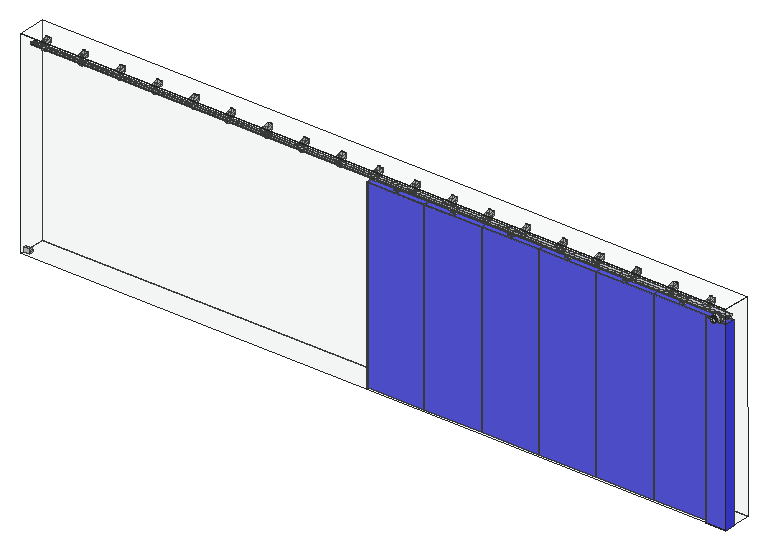
Revit family "Somati-System_SGS_Horizontal-fire-sliding-door_9040_lintel_EI60_W-to-H-higher-than-1,3", category Doors, host Wall, Revit 2018
Family settings
  Host = Wall
  OmniClass Number = 23.30.10.00
  OmniClass Title = Doors
  Always vertical = Yes
  Cut with Voids When Loaded = No
  Shared = No
  Room Calculation Point = No
Parameters (values of type "EI 60")
  Youtube clip = "https://www.youtube.com/watch?v=pRjbxBvixFY&feature=emb_logo"
  Wing top offset [instance] = 88 mm  # constant formula
  Wing thickness = 71.2 mm
  Wing middle offset = 80 mm
  Wing access (D) [instance] = [Width (W)] + 150 mm  # 5750 mm
  Width (W) [instance] = 5600 mm
  Weight Net (Kg) = "0"
  Uniformat II Description = ""
  Uniformat II Code = ""
  Uniclass 2015 Name = ""
  Uniclass 2015 Code = ""
  Uniclass 2.0 Description = ""
  Uniclass 2.0 Code = ""
  Uniclass 1.4 Description = ""
  Uniclass 1.4 Code = ""
  UNSPSC Code = ""
  Total height (Z) [instance] = Height Control + 315 mm  # 3315 mm
  Thickness = 0 mm
  Technical description = "https://somati-system.pl/en/download/sgs-download-en/"
  Region South America = "None"
  Region Oceania = "None"
  Region North America = "None"
  Region Middle East = "None"
  Region Europe = "AD, AL, AT, AX, BA, BE, BG, BY, CH, CY, CZ, DE, DK, EE, ES, FI, FO, FR, GB, GG, GI, GR, HR, HU, IE, IM, IS, IT, JE, LI, LT, LU, LV, MC, MD, ME, MK, MT, NL, NO, PL, PT, RO, RS, RU, SE, SI, SJ, SK, SM, UA, VA"
  Region Asia = "None"
  Region Antarctica = "None"
  Region Africa = "None"
  Rail and assembly materials [instance] = none
  QR code = "http://bimobject.com/somati-system/product/SGS_HORIZONTAL_FIRE_SLIDING_DOOR"
  Product url = "https://somati-system.pl/en/products/sgs-horizontal-fire-sliding-doors/"
  Product group = "SGS"
  Product family = "SGS"
  Product data url = "https://bimobject.com/somati-system/product/SGS_HORIZONTAL_FIRE_SLIDING_DOOR"
  Product certification = ""
  Product SKU = "SGS_HORIZONTAL_FIRE_SLIDING_DOOR"
  Product Guid = "8235eb12-0acf-4b60-9ca9-7613396e8d01"
  Power supply of control panel = "230V/50Hz/6A"  # constant formula
  Panel width [instance] = ([Width (W)] + 168 mm) / Number of panels in wing  # 961.333 mm
  Panel material = Somati - Stainless Steel - Custom
  Panel height [instance] = Height Control + Wing top offset  # 3088 mm
  OmniClass Description = ""
  OmniClass Code = ""
  Offset Right [instance] = [Counterweight housing (A2)]  # 360 mm
  Offset Left [instance] = 0 mm
  Number of panels in wing [instance] = roundup([Width (W)] / 1000 mm)  # 6
  Number of hangers [instance] = ([Guide rail length (K)] - 420 mm) / 600 mm  # 19
  Nominal width = 0 mm
  Nominal height = 0 mm
  NBS Reference Description = ""
  NBS Reference Code = ""
  Model = "SGS"  # constant formula
  Max number of opening cycles = 50000  # constant formula
  Material secondary = "Composite"
  Material main = "Steel"
  Masterformat 2014 Description = ""
  Masterformat 2014 Code = ""
  Manufacturer name = "Somati System"
  Manufacturer country = "Poland"
  Manufacturer = "Somati System"  # constant formula
  Installation instructions = ""
  IFC Classification = ""
  Height Control [instance] = if([Height (H)] > 3500 mm, 3500 mm, [Height (H)])  # 3000 mm
  Height (H) [instance] = 3000 mm
  Guide rail lower edge (B1) [instance] = Height Control + 160 mm  # 3160 mm
  Guide rail length (K) [instance] = [Wing access (D)] + [Width (W)] + [Counterweight housing (A2)]  # 11710 mm
  Gate Control type = "Electromagnetic brake"  # constant formula
  GTIN code = ""
  Function = Interior
  Height = 3000 mm
  Wall Closure = By host
  Width = 3000 mm
  Fire resistance = "EI 60, EI 120 n"  # constant formula
  Edition number = 1
  Design country = "Poland"
  Date of publishing = ""
  Counterweight housing (A2) [instance] = if([Width (W)] / Height Control > 1.3, 360 mm, 210 mm)  # 360 mm
  Console mounting axis (B2) [instance] = if(Height Control > 3500 mm, Height Control + 239 mm, Height Control + 179 mm)  # 3179 mm
  Clearance Area Visibility [instance] = yes
  COBIe Type Category = ""
  Buffer (A1) [instance] = [Wing access (D)] + 130 mm  # 5880 mm
  Brand url = ""
  BIMobject main category code = "doors"
  BIMobject main category = "Doors"
  BIMobject category code = "doors-fire"
  BIMobject category = "Fire Doors & Shutters"
  Available surface fnish = "Galvanized Stainless Steel PVC, MDF, HDF, laminate or veneer, STANDARD RAL 7035, 9002, 9006, 9010, and powder coating of whole RAL pallet"  # constant formula
Reference planes
  plane 1: y = 0
  plane 2 "Center (Left/Right)": x = 0
  plane 3 "Left": x = -2800
  plane 4 "Right": x = 2800
  plane 5 "Cutout height": z = 3000
  plane 6 "Exterior": y = 150
  plane 7 "Interior": y = -150
  plane 8 "Consoles mounting axis": z = 3179
  plane 9 "Total height top": z = 3315
  plane 10 "Guide rail bottom": z = 3160
  plane 11 "Wing access": x = -8550
  plane 12 "Buffer placement": x = -8680
  plane 13 "Counterweight housing": x = 3160
  plane 14 "Handle": z = 1050
  plane 15 "Wing end left": x = -2908
  plane 16 "Wing end top": z = 3088
  plane 17 "Wing end right": x = 2860
  plane 18: y = -324
  plane 19 "Wing axis": y = -230
  plane 20: y = -75
  plane 21: y = -184.9
  plane 22: y = -275.1
  plane 23: x = -2910
  plane 24 "end of hangers": x = -8340
  plane 25: x = -1040
  plane 26: x = -2845
  plane 27: y = -300.1
  plane 28: y = -159.9
  plane 29: x = -8689
  plane 30: x = -8789.5
  plane 31: x = 3160
  plane 32: x = -8680
  plane 33: z = 3740
  plane 34: z = 3154
  plane 35: x = 3010
Forms (mm)
  Sweep 1, solid
    path origin (0, -150, 0) x (1, 0, 0) y (0, 0, 1)
      loop
        line (-2800, 0) -> (-2800, 2982) -> (2800, 2982)
    profile origin (-2800, -150, 1491) x (-1, 0, 0) y (0, -1, 0)
      loop
        line (18, 33) -> (18, 4)
        arc (18, 4) -> (19.172, 1.172) -> (22, 0) r 4
        line (22, 0) -> (64, 0)
        arc (64, 0) -> (66.828, 1.172) -> (68, 4) r 4
        line (68, 4) -> (68, 29)
        arc (68, 29) -> (68.586, 30.414) -> (70, 31) r 2
        line (70, 31) -> (91, 31) -> (91, 33) -> (18, 33)
  Sweep 2, solid, material "Somati - Stainless Steel - Custom" <- "Panel material"
    path origin (0, -150, 0) x (1, 0, 0) y (0, 0, 1)
      loop
        line (-2908, 3088) -> (-2908, 0)
    profile origin (-2908, -150, 1544) x (0, -1, 0) y (1, 0, 0)
      loop
        arc (18.1, 2) -> (19.272, -0.828) -> (22.1, -2) r 4
        line (22.1, -2) -> (114.1, -2)
        arc (114.1, -2) -> (116.928, -0.828) -> (118.1, 2) r 4
        line (118.1, 2) -> (118.1, 13) -> (116.1, 13) -> (116.1, 2)
        arc (116.1, 2) -> (115.514, 0.586) -> (114.1, 0) r 2
        line (114.1, 0) -> (22.1, 0)
        arc (22.1, 0) -> (20.686, 0.586) -> (20.1, 2) r 2
        line (20.1, 2) -> (20.1, 23) -> (18.1, 23) -> (18.1, 2)
  Sweep 3, solid, material "Somati - Stainless Steel - Custom" <- "Panel material"
    path origin (0, -150, 0) x (1, 0, 0) y (0, 0, 1)
      loop
        line (-2910, 3088) -> (2860, 3088)
    profile origin (-25, -150, 3088) x (0, 0, 1) y (0, -1, 0)
      loop
        line (-23, 19.5) -> (-23, 17.5) -> (-2, 17.5)
        arc (-2, 17.5) -> (0.828, 18.672) -> (2, 21.5) r 4
        line (2, 21.5) -> (2, 117.5) -> (0, 117.5) -> (0, 21.5)
        arc (0, 21.5) -> (-0.586, 20.086) -> (-2, 19.5) r 2
        line (-2, 19.5) -> (-23, 19.5)
  Sweep 4, solid, material "Somati - Stainless Steel - Custom" <- "Panel material"
    path origin (0, -150, 0) x (1, 0, 0) y (0, 0, 1)
      loop
        line (3160, 3088) -> (3160, 0)
    profile origin (3160, -150, 1544) x (0, -1, 0) y (1, 0, 0)
      loop
        line (165.5, -348) -> (165.5, 0) -> (0, 0) -> (0, -351) -> (33, -351) -> (33, -302) -> (128.5, -302) -> (128.5, -348) -> (165.5, -348)
      loop
        line (2, -300) -> (131.5, -300) -> (131.5, -345) -> (161.5, -345) -> (161.5, -3) -> (2, -3) -> (2, -300)
  Sweep 5, solid, material <- "Rail and assembly materials"
    path origin (0, -230, 0) x (0, 0, -1) y (-1, 0, 0)
      loop
        line (-3155.5, 8550) -> (-3155.5, -3160)
    profile origin (-2695, -230, 3155.5) x (0, 0, -1) y (0, 1, 0)
      loop
        line (-4.5, -10) -> (-7.5, -10) -> (-7.5, -17.27)
        arc (-7.5, -17.27) -> (-7.68, -17.833) -> (-8.154, -18.187) r 0.97
        line (-8.154, -18.187) -> (-21.563, -22.805)
        arc (-21.563, -22.805) -> (-22.137, -22.951) -> (-22.728, -23) r 3.578
        line (-22.728, -23) -> (-45.523, -23)
        arc (-45.523, -23) -> (-46.214, -22.714) -> (-46.5, -22.023) r 0.977
        line (-46.5, -22.023) -> (-46.5, 21.985)
        arc (-46.5, 21.985) -> (-46.203, 22.703) -> (-45.485, 23) r 1.015
        line (-45.485, 23) -> (-22.73, 23)
        arc (-22.73, 23) -> (-22.137, 22.951) -> (-21.56, 22.804) r 3.593
        line (-21.56, 22.804) -> (-8.141, 18.183)
        arc (-8.141, 18.183) -> (-7.677, 17.836) -> (-7.5, 17.283) r 0.951
        line (-7.5, 17.283) -> (-7.5, 10) -> (-4.5, 10) -> (-4.5, 19.391)
        arc (-4.5, 19.391) -> (-4.707, 20) -> (-5.242, 20.357) r 1
        line (-5.242, 20.357) -> (-20.589, 25.643)
        arc (-20.589, 25.643) -> (-21.5, 25.91) -> (-22.445, 26) r 5
        line (-22.445, 26) -> (-46.5, 26)
        arc (-46.5, 26) -> (-48.621, 25.121) -> (-49.5, 23) r 3
        line (-49.5, 23) -> (-49.5, -23)
        arc (-49.5, -23) -> (-48.621, -25.121) -> (-46.5, -26) r 3
        line (-46.5, -26) -> (-22.445, -26)
        arc (-22.445, -26) -> (-21.5, -25.91) -> (-20.589, -25.643) r 5
        line (-20.589, -25.643) -> (-5.242, -20.357)
        arc (-5.242, -20.357) -> (-4.707, -20) -> (-4.5, -19.391) r 1
        line (-4.5, -19.391) -> (-4.5, -10)
  Extrusion 6, solid, material "Clearance Areas", visible <- "Clearance Area Visibility"
    sketch origin (-2209.467, 358.585, 220.701) x (1, 0, 0) y (0, 0, -1)
      loop
        line (-6470.533, 220.701) -> (-6470.533, -3094.299) -> (5369.467, -3094.299) -> (5369.467, 220.701) -> (-6470.533, 220.701)
    from -682.585 to -208.585
  Sweep 7, solid, material "Somati - Stainless Steel - Custom" <- "Panel material", not visible
    path origin (0, -150, 0) x (1, 0, 0) y (0, 0, 1)
      loop
        line (2800, 0) -> (2800, 3088)
    profile origin (2800, -150, 1544) x (-1, 0, 0) y (0, -1, 0)
      loop
        line (-9, 0) -> (-9, 33) -> (-58, 33) -> (-58, 124) -> (-12, 124) -> (-12, 161) -> (-60, 161) -> (-60, 0) -> (-9, 0)
Lines and regions (mm)
  Opening 1
    outline origin (-3050, -150, 0) x (1, 0, 0) y (0, 0, 1)
      loop
        line (250, 0) -> (5850, 0) -> (5850, 3000) -> (250, 3000) -> (250, 0)
Text (mm)
  text "Exterior" at (-2295.016, 1099.543, 0), in view "Ref. Level"
  text "Exterior" at (0, 1615.38, 3698.081), in view "Left"
  text "Exterior" at (0, 1036.032, 3874.932), in view "Right"
Dimensions and locks
  equal spacing: plane 3 "Left", plane 2 "Center (Left/Right)", plane 4 "Right"
  "Width (W)": plane 3 "Left" to plane 4 "Right"
  "Height Control": plane 5 "Cutout height" to host wall
  host wall to plane 5 "Cutout height" = 3000 mm  (x2)
  locked: plane 6 "Exterior" to host wall at 0
  locked: plane 7 "Interior" to host wall
  "Total height (Z)": plane 9 "Total height top" to level
  "Console mounting axis (B2)": plane 8 "Consoles mounting axis" to level
  "Guide rail lower edge (B1)": plane 10 "Guide rail bottom" to level
  "Buffer (A1)": plane 12 "Buffer placement" to plane 3 "Left"
  "Counterweight housing (A2)": plane 4 "Right" to plane 13 "Counterweight housing"
  "Wing access (D)": plane 11 "Wing access" to plane 3 "Left"
  locked: plane 14 "Handle" to level at 1050
  equal spacing: plane 21, plane 19 "Wing axis", plane 22
  equal spacing: group 1, group 6, group 14, group 17, group 18, group 2  (x3)
  locked: plane 4 "Right" to plane 17 "Wing end right" at 60
  "Wing top offset": plane 16 "Wing end top" to plane 5 "Cutout height"
  locked: plane 23 to plane 15 "Wing end left" at 2
  locked: Sweep 1 sketch curve to plane 5 "Cutout height" at 18
  locked: plane 24 "end of hangers" to plane 11 "Wing access" at 210
  equal spacing: group 4, group 25, group 24, group 23, group 22, group 21, group 20, group 19, group 16, group 15, group 13, group 12, group 11, group 10, group 9, group 8, group 7, group 5, group 3
  equal spacing: group 3, group 5, group 7, group 8, group 9, group 10, group 11, group 12, group 13, group 15, group 16, group 19, group 20, group 21, group 22, group 23, group 24, group 25, group 4  (x2)
  locked: plane 26 to plane 3 "Left" at 45
  locked: plane 28 to plane 21 at 25
  locked: plane 22 to plane 27 at 25
  locked: plane 15 "Wing end left" to plane 3 "Left" at 108
  locked: Sweep 4 to plane 19 "Wing axis" at 85.5
  locked: Sweep 4 sketch curve to Sweep 4 sketch curve at 3
  locked: plane 29 to plane 12 "Buffer placement" at 9
  plane 29 to plane 30 = 100.5 mm
  "Offset Left": plane 32 to plane 12 "Buffer placement"
  "Offset Right": plane 4 "Right" to plane 31
  "Wing middle offset": host wall to plane 19 "Wing axis"
  plane 9 "Total height top" to plane 5 "Cutout height" = 315 mm
  locked: plane 34 to plane 16 "Wing end top" at 66
  equal spacing: plane 17 "Wing end right", plane 35, plane 31
  locked: plane 19 "Wing axis" to host wall at 80
  aligned and locked: plane 3 "Left" to Opening 1 sketch curve
  aligned and locked: plane 5 "Cutout height" to Opening 1 sketch curve  (x2)
  aligned and locked: Opening 1 sketch curve to plane 4 "Right"
  aligned and locked: Opening 1 sketch curve to level
  aligned and locked: host wall to plane 1
  aligned and locked: nested 1 to plane 19 "Wing axis"
  aligned and locked: plane 15 "Wing end left" to nested 1
  aligned and locked: plane 17 "Wing end right" to nested 2
  aligned and locked: Sweep 1 sketch curve to plane 3 "Left"
  aligned and locked: plane 3 "Left" to Sweep 1 sketch curve
  aligned and locked: plane 4 "Right" to Sweep 1 sketch curve
  aligned and locked: level to Sweep 1 sketch curve
  aligned and locked: Sweep 2 sketch curve to plane 15 "Wing end left"
  aligned and locked: plane 16 "Wing end top" to Sweep 2 sketch curve
  aligned and locked: level to Sweep 2 sketch curve
  aligned and locked: Sweep 3 sketch curve to plane 16 "Wing end top"
  aligned and locked: Sweep 3 sketch curve to plane 23
  aligned and locked: Sweep 4 sketch curve to plane 16 "Wing end top"
  aligned and locked: plane 17 "Wing end right" to Sweep 3 sketch curve
  aligned and locked: plane 19 "Wing axis" to nested 3
  aligned and locked: plane 4 "Right" to nested 3
  aligned and locked: nested 4 to plane 24 "end of hangers"
  aligned and locked: Sweep 5 to plane 10 "Guide rail bottom"
  aligned and locked: plane 6 "Exterior" to Extrusion 6
  aligned and locked: plane 13 "Counterweight housing" to Extrusion 6
  aligned and locked: Extrusion 6 to plane 12 "Buffer placement"
  aligned and locked: Extrusion 6 to plane 18
  aligned and locked: plane 9 "Total height top" to Extrusion 6
  aligned and locked: nested 2 to plane 19 "Wing axis"
  aligned and locked: plane 19 "Wing axis" to nested 4
  aligned and locked: profile plane to Sweep 4 sketch curve
  aligned and locked: plane 17 "Wing end right" to Sweep 4 sketch curve
  aligned and locked: nested 6 to plane 19 "Wing axis"
  aligned and locked: nested 6 to plane 12 "Buffer placement"
  aligned and locked: Sweep 7 sketch curve to plane 4 "Right"
  aligned and locked: plane 16 "Wing end top" to Sweep 7 sketch curve
  aligned and locked: plane 31 to Sweep 5 sketch curve
  aligned and locked: plane 9 "Total height top" to nested 3
  aligned and locked: plane 9 "Total height top" to nested 5
  aligned and locked: plane 11 "Wing access" to Sweep 5 sketch curve
  aligned and locked: nested 26 to plane 34
  aligned and locked: nested 26 to plane 19 "Wing axis"
  aligned and locked: plane 35 to nested 26
Automatic sketch dimensions
  plane 7 "Interior" to Sweep 1 sketch curve = 0 mm
  Sweep 1 sketch curve to profile plane = 18 mm
  Sweep 1 sketch curve to Sweep 1 sketch curve = 4 mm
  plane 7 "Interior" to Sweep 1 sketch curve = 4 mm
  Sweep 1 sketch curve to Sweep 1 sketch curve = 42 mm
  Sweep 1 sketch curve to Sweep 1 sketch curve = 2 mm
  Sweep 1 sketch curve to Sweep 1 sketch curve = 21 mm
  Sweep 1 sketch curve to Sweep 1 sketch curve = 25 mm
  Sweep 1 sketch curve to Sweep 1 sketch curve = 29 mm
  Sweep 2 sketch curve to Sweep 2 sketch curve = 0 mm  (x4)
  Sweep 2 sketch curve to profile plane = 0 mm
  Sweep 2 sketch curve to profile plane = 2 mm  (x2)
  plane 7 "Interior" to Sweep 2 sketch curve = 18.1 mm
  Sweep 2 sketch curve to Sweep 2 sketch curve = 2 mm
  Sweep 2 sketch curve to Sweep 2 sketch curve = 92 mm
  Sweep 2 sketch curve to Sweep 2 sketch curve = 11 mm
  Sweep 2 sketch curve to Sweep 2 sketch curve = 21 mm
  Sweep 3 sketch curve to Sweep 3 sketch curve = 0 mm  (x2)
  profile plane to Sweep 3 sketch curve = 0 mm
  profile plane to Sweep 3 sketch curve = 2 mm
  Sweep 3 sketch curve to Sweep 3 sketch curve = 21 mm
  Sweep 3 sketch curve to Sweep 3 sketch curve = 2 mm
  plane 7 "Interior" to Sweep 3 sketch curve = 17.5 mm
  Sweep 3 sketch curve to Sweep 3 sketch curve = 96 mm
  Sweep 4 sketch curve to level = 0 mm
  Sweep 4 sketch curve to plane 13 "Counterweight housing" = 0 mm
  plane 7 "Interior" to Sweep 4 sketch curve = 0 mm
  plane 7 "Interior" to Sweep 4 sketch curve = 2 mm
  Sweep 4 sketch curve to Sweep 4 sketch curve = 31 mm
  Sweep 4 sketch curve to Sweep 4 sketch curve = 95.5 mm
  Sweep 4 sketch curve to Sweep 4 sketch curve = 3 mm  (x2)
  Sweep 4 sketch curve to Sweep 4 sketch curve = 30 mm
  Sweep 4 sketch curve to Sweep 4 sketch curve = 4 mm
  Sweep 4 sketch curve to Sweep 4 sketch curve = 2 mm
  Sweep 4 sketch curve to Sweep 4 sketch curve = 45 mm
  Sweep 4 sketch curve to Sweep 4 sketch curve = 49 mm
  Extrusion 6 sketch curve to plane 9 "Total height top" = 0 mm
  Extrusion 6 sketch curve to plane 12 "Buffer placement" = 0 mm
  Extrusion 6 sketch curve to plane 13 "Counterweight housing" = 0 mm
  Extrusion 6 sketch curve to level = 0 mm
  Sweep 7 sketch curve to plane 14 "Handle" = 1050 mm
  plane 7 "Interior" to Sweep 7 sketch curve = 0 mm
  profile plane to Sweep 7 sketch curve = 60 mm
  Sweep 7 sketch curve to Sweep 7 sketch curve = 2 mm
  profile plane to Sweep 7 sketch curve = 12 mm
  profile plane to Sweep 7 sketch curve = 9 mm
  plane 7 "Interior" to Sweep 7 sketch curve = 33 mm
  Sweep 7 sketch curve to Sweep 7 sketch curve = 91 mm
  Sweep 7 sketch curve to Sweep 7 sketch curve = 37 mm
  Sweep 5 sketch curve to plane 10 "Guide rail bottom" = 4.5 mm
  profile plane to Sweep 5 sketch curve = 49.5 mm
  Sweep 5 sketch curve to Sweep 5 sketch curve = 3 mm  (x3)
  Sweep 5 sketch curve to Sweep 5 sketch curve = 0 mm
  Sweep 5 sketch curve to Sweep 5 sketch curve = 0.977 mm
  Sweep 5 sketch curve to Sweep 5 sketch curve = 1.015 mm  (x2)
  Sweep 5 sketch curve to Sweep 5 sketch curve = 22.755 mm
  Sweep 5 sketch curve to Sweep 5 sketch curve = 22.795 mm
  Sweep 5 sketch curve to Sweep 5 sketch curve = 0.282 mm
  Sweep 5 sketch curve to Sweep 5 sketch curve = 0.285 mm
  Sweep 5 sketch curve to Sweep 5 sketch curve = 1.165 mm
  Sweep 5 sketch curve to Sweep 5 sketch curve = 1.17 mm
  Sweep 5 sketch curve to Sweep 5 sketch curve = 1.857 mm  (x2)
  Sweep 5 sketch curve to Sweep 5 sketch curve = 13.093 mm
  Sweep 5 sketch curve to Sweep 5 sketch curve = 13.109 mm
  Sweep 5 sketch curve to Sweep 5 sketch curve = 0.316 mm
  Sweep 5 sketch curve to Sweep 5 sketch curve = 0.31 mm
  Sweep 5 sketch curve to Sweep 5 sketch curve = 0.951 mm
  Sweep 5 sketch curve to Sweep 5 sketch curve = 0.97 mm
  Sweep 5 sketch curve to Sweep 5 sketch curve = 2.641 mm
  Sweep 5 sketch curve to Sweep 5 sketch curve = 2.654 mm
  Sweep 5 sketch curve to Sweep 5 sketch curve = 0.258 mm  (x2)
  Sweep 5 sketch curve to Sweep 5 sketch curve = 1 mm
  Sweep 5 sketch curve to plane 19 "Wing axis" = 26 mm
  Sweep 5 sketch curve to Sweep 5 sketch curve = 0.357 mm
  Sweep 5 sketch curve to Sweep 5 sketch curve = 2 mm
  Sweep 5 sketch curve to Sweep 5 sketch curve = 0.195 mm
  Sweep 5 sketch curve to Sweep 5 sketch curve = 5.286 mm
  Sweep 5 sketch curve to Sweep 5 sketch curve = 1.204 mm
  Sweep 5 sketch curve to Sweep 5 sketch curve = 7.27 mm
  Sweep 5 sketch curve to Sweep 5 sketch curve = 20 mm
  Sweep 5 sketch curve to Sweep 5 sketch curve = 7.283 mm
  Sweep 5 sketch curve to Sweep 5 sketch curve = 2.108 mm
  Sweep 5 sketch curve to Sweep 5 sketch curve = 2.124 mm
  Sweep 5 sketch curve to Sweep 5 sketch curve = 1.593 mm
  Sweep 5 sketch curve to Sweep 5 sketch curve = 2.577 mm
Nested families
  nested 1: "Family2" at (-2427.333, -230, 0), Material <- "Panel material", Width <- "Panel width", Thickness <- "Wing thickness", Height <- "Panel height", type "Family2"
    with Width 961.333 mm, Thickness 71.2 mm, Material Somati - Stainless Steel - Custom, Height 3088 mm
  nested 2: "Family2" at (2379.333, -230, 0), Material <- "Panel material", Width <- "Panel width", Thickness <- "Wing thickness", Height <- "Panel height", type "Family2"
    with Width 961.333 mm, Thickness 71.2 mm, Material Somati - Stainless Steel - Custom, Height 3088 mm
  nested 3: "Family3" at (2766, -230, 3225) x (0, 1, 0) z (1, 0, 0), type "Family3", detail levels medium+fine
  nested 4: "Family3" at (-8374, -230, 3225) x (0, 1, 0) z (1, 0, 0), type "Family3", detail levels medium+fine
  nested 5: "Family3" at (2147.111, -230, 3225) x (0, 1, 0) z (1, 0, 0), type "Family3", detail levels medium+fine
  nested 6: "Stopper" at (-8630.037, -230, 0), type "Stopper", detail levels medium+fine
  nested 7: "Family2" at (-1466, -230, 0), Material <- "Panel material", Width <- "Panel width", Thickness <- "Wing thickness", Height <- "Panel height", type "Family2"
    with Width 961.333 mm, Thickness 71.2 mm, Material Somati - Stainless Steel - Custom, Height 3088 mm
  nested 8: "Family3" at (1528.222, -230, 3225) x (0, 1, 0) z (1, 0, 0), type "Family3", detail levels medium+fine
  nested 9: "Family3" at (909.333, -230, 3225) x (0, 1, 0) z (1, 0, 0), type "Family3", detail levels medium+fine
  nested 10: "Family3" at (290.444, -230, 3225) x (0, 1, 0) z (1, 0, 0), type "Family3", detail levels medium+fine
  nested 11: "Family3" at (-328.444, -230, 3225) x (0, 1, 0) z (1, 0, 0), type "Family3", detail levels medium+fine
  nested 12: "Family3" at (-947.333, -230, 3225) x (0, 1, 0) z (1, 0, 0), type "Family3", detail levels medium+fine
  nested 13: "Family3" at (-1566.222, -230, 3225) x (0, 1, 0) z (1, 0, 0), type "Family3", detail levels medium+fine
  nested 14: "Family3" at (-2185.111, -230, 3225) x (0, 1, 0) z (1, 0, 0), type "Family3", detail levels medium+fine
  nested 15: "Family2" at (-504.667, -230, 0), Material <- "Panel material", Width <- "Panel width", Thickness <- "Wing thickness", Height <- "Panel height", type "Family2"
    with Width 961.333 mm, Thickness 71.2 mm, Material Somati - Stainless Steel - Custom, Height 3088 mm
  nested 16: "Family3" at (-2804, -230, 3225) x (0, 1, 0) z (1, 0, 0), type "Family3", detail levels medium+fine
  nested 17: "Family3" at (-3422.889, -230, 3225) x (0, 1, 0) z (1, 0, 0), type "Family3", detail levels medium+fine
  nested 18: "Family2" at (456.667, -230, 0), Material <- "Panel material", Width <- "Panel width", Thickness <- "Wing thickness", Height <- "Panel height", type "Family2"
    with Width 961.333 mm, Thickness 71.2 mm, Material Somati - Stainless Steel - Custom, Height 3088 mm
  nested 19: "Family2" at (1418, -230, 0), Material <- "Panel material", Width <- "Panel width", Thickness <- "Wing thickness", Height <- "Panel height", type "Family2"
    with Width 961.333 mm, Thickness 71.2 mm, Material Somati - Stainless Steel - Custom, Height 3088 mm
  nested 20: "Family3" at (-4041.778, -230, 3225) x (0, 1, 0) z (1, 0, 0), type "Family3", detail levels medium+fine
  nested 21: "Family3" at (-4660.667, -230, 3225) x (0, 1, 0) z (1, 0, 0), type "Family3", detail levels medium+fine
  nested 22: "Family3" at (-5279.556, -230, 3225) x (0, 1, 0) z (1, 0, 0), type "Family3", detail levels medium+fine
  nested 23: "Family3" at (-5898.444, -230, 3225) x (0, 1, 0) z (1, 0, 0), type "Family3", detail levels medium+fine
  nested 24: "Family3" at (-6517.333, -230, 3225) x (0, 1, 0) z (1, 0, 0), type "Family3", detail levels medium+fine
  nested 25: "Family3" at (-7136.222, -230, 3225) x (0, 1, 0) z (1, 0, 0), type "Family3", detail levels medium+fine
  nested 26: "brake" at (3010, -230, 3133.165) x (1, 0, 0) z (0, -1, 0), type "brake"
  nested 27: "Family3" at (-7755.111, -230, 3225) x (0, 1, 0) z (1, 0, 0), type "Family3", detail levels medium+fine
Definition of nested family "Family2"
  Parameters (values of type "Family2")
    Width [instance] = 349.761 mm
    Thickness [instance] = 117.742 mm
    Material [instance] = none
    Height [instance] = 398.765 mm
    Hardware material = none
  Reference planes
    plane 1 "Center (Front/Back)": y = 0
    plane 2: z = 0
    plane 3 "Center (Left/Right)": x = 0
    plane 4: x = -174.88
    plane 5: x = 174.88
    plane 6: y = 58.871
    plane 7: y = -58.871
    plane 8: z = 398.765
  Forms (mm)
    Extrusion 1, solid, material <- "Material"
      sketch origin (0, 0, 0) x (1, 0, 0) y (0, 1, 0)
        loop
          line (-174.88, -58.871) -> (174.88, -58.871) -> (174.88, 58.871) -> (-174.88, 58.871) -> (-174.88, -58.871)
      from 0 to 398.765
  Dimensions and locks
    equal spacing: plane 4, plane 3 "Center (Left/Right)", plane 5
    "Width": plane 4 to plane 5
    equal spacing: plane 6, plane 1 "Center (Front/Back)", plane 7
    "Thickness": plane 6 to plane 7
    "Height": plane 8 to plane 2
    aligned and locked: level to plane 2
    aligned and locked: plane 6 to Extrusion 1
    aligned and locked: Extrusion 1 to plane 7
    aligned and locked: Extrusion 1 to plane 4
    aligned and locked: plane 5 to Extrusion 1
    aligned and locked: plane 6 to Extrusion 1 sketch curve
    aligned and locked: Extrusion 1 sketch curve to plane 7
    aligned and locked: Extrusion 1 sketch curve to plane 4
    aligned and locked: plane 5 to Extrusion 1 sketch curve
    aligned and locked: plane 8 to Extrusion 1
    aligned and locked: plane 3 "Center (Left/Right)" to nested 1
    aligned and locked: plane 1 "Center (Front/Back)" to nested 1
    aligned and locked: nested 1 to plane 8
  Nested families
    nested 1: "Family1" at (0, 0, 491.765), type "Family1", detail levels medium+fine
  Definition of nested family "Family1"
    Parameters (values of type "Family1")
      Material = none
    Reference planes
      plane 1 "Center (Front/Back)": y = 0
      plane 2: z = 0
      plane 3 "Center (Left/Right)": x = 0
      plane 4: y = 1.5
      plane 5: y = -1.5
      plane 6: z = -93
    Forms (mm)
      Extrusion 1, solid, material <- "Material"
        sketch origin (0, 0, 0) x (0, 1, 0) y (0, 0, 1)
          loop
            line (11, -54) -> (-26.5, -54) -> (-26.5, -60) -> (11, -60)
            arc (11, -60) -> (16.303, -57.803) -> (18.5, -52.5) r 7.5
            line (18.5, -52.5) -> (18.5, -45.5)
            arc (18.5, -45.5) -> (16.303, -40.197) -> (11, -38) r 7.5
            line (11, -38) -> (9, -38)
            arc (9, -38) -> (4.757, -36.243) -> (3, -32) r 6
            line (3, -32) -> (3, 17.5) -> (-3, 17.5) -> (-3, -32)
            arc (-3, -32) -> (0.515, -40.485) -> (9, -44) r 12
            line (9, -44) -> (11, -44)
            arc (11, -44) -> (12.061, -44.439) -> (12.5, -45.5) r 1.5
            line (12.5, -45.5) -> (12.5, -52.5)
            arc (12.5, -52.5) -> (12.061, -53.561) -> (11, -54) r 1.5
        from -45 to 45
      Revolve 2, solid, material <- "Material"
        sketch origin (0, 0, 0) x (1, 0, 0) y (0, 0, 1)
          loop
            arc (8.25, -46) -> (4.244, -44.507) -> (0, -44) r 18.016
            line (0, -44) -> (0, -184) -> (6.5, -184) -> (8, -182.5) -> (8, -91) -> (10.125, -91)
            arc (10.125, -91) -> (11.933, -90.664) -> (13.5, -89.7) r 5.031
            line (13.5, -89.7) -> (13.5, -84.8)
            arc (13.5, -84.8) -> (12.037, -83.478) -> (10.125, -83) r 4.064
            line (10.125, -83) -> (8, -83) -> (8, -71) -> (10.125, -71)
            arc (10.125, -71) -> (11.933, -70.664) -> (13.5, -69.7) r 5.031
            line (13.5, -69.7) -> (13.5, -64.8)
            arc (13.5, -64.8) -> (12.037, -63.478) -> (10.125, -63) r 4.064
            line (10.125, -63) -> (15, -63) -> (15, -60) -> (8, -60) -> (8, -54) -> (16.5, -54) -> (16.5, -46)
            arc (16.5, -46) -> (12.375, -44) -> (8.25, -46) r 5.254
          axis (0, -44) -> (0, -184)
        angle from 0 to 360
      Extrusion 3, void
        sketch origin (0, 0, 0) x (1, 0, 0) y (0, 0, 1)
          loop
            line (45, -25) -> (45, 17.5) -> (-45, 17.5) -> (-45, -25)
            arc (-45, -25) -> (0, 15) -> (45, -25) r 45.312
        from -23 to 30.5
      Extrusion 4, solid, material <- "Material"
        sketch origin (0, 0, 0) x (1, 0, 0) y (0, 0, 1)
          loop
            circle (70, 0) r 17
        from -17 to -7
      Sweep 5, void
        path in 3D
          loop
            arc (87, 7, 0) -> (70, 7, -17) -> (53, 7, 0) r 17
            arc (53, 7, 0) -> (70, 7, 17) -> (87, 7, 0) r 17
        profile origin (70, 7, 17) x (0, 0, 1) y (0, -1, 0)
          loop
            line (-1.5, 0) -> (0, -1.5) -> (0.954, -0.546) -> (-0.546, 0.954) -> (-1.5, 0)
      Sweep 6, void
        path in 3D
          loop
            arc (87, 17, 0) -> (70, 17, -17) -> (53, 17, 0) r 17
            arc (53, 17, 0) -> (70, 17, 17) -> (87, 17, 0) r 17
        profile origin (70, 17, 17) x (0, 0, -1) y (0, 1, 0)
          loop
            line (1.5, 0) -> (0.546, 0.954) -> (-0.954, -0.546) -> (0, -1.5) -> (1.5, 0)
      Extrusion 7, solid, material <- "Material"
        sketch origin (0, 0, 0) x (1, 0, 0) y (0, 0, 1)
          loop
            circle (70, 0) r 9
        from -7 to -3
      Extrusion 8, solid, material <- "Material"
        sketch origin (0, 0, 0) x (1, 0, 0) y (0, 0, -1)
          loop
            circle (70, 0) r 17
        from -17 to -7
      Sweep 9, void
        path in 3D
          loop
            arc (53, -7, 0) -> (70, -7, -17) -> (87, -7, 0) r 17
            arc (87, -7, 0) -> (70, -7, 17) -> (53, -7, 0) r 17
        profile origin (70, -7, 17) x (0, 0, 1) y (0, 1, 0)
          loop
            line (-1.5, 0) -> (0, -1.5) -> (0.954, -0.546) -> (-0.546, 0.954) -> (-1.5, 0)
      Sweep 10, void
        path in 3D
          loop
            arc (87, -17, 0) -> (70, -17, -17) -> (53, -17, 0) r 17
            arc (53, -17, 0) -> (70, -17, 17) -> (87, -17, 0) r 17
        profile origin (70, -17, 17) x (0, 0, 1) y (0, -1, 0)
          loop
            line (-1.5, 0) -> (0, -1.5) -> (0.954, -0.546) -> (-0.546, 0.954) -> (-1.5, 0)
      Extrusion 11, solid, material <- "Material"
        sketch origin (0, 0, 0) x (1, 0, 0) y (0, 0, -1)
          loop
            circle (70, 0) r 9
        from -7 to -3
      Extrusion 12, solid, material <- "Material"
        sketch origin (0, 0, 0) x (-1, 0, 0) y (0, 0, -1)
          loop
            circle (70, 0) r 17
        from -17 to -7
      Sweep 13, void
        path in 3D
          loop
            arc (-53, 7, 0) -> (-70, 7, -17) -> (-87, 7, 0) r 17
            arc (-87, 7, 0) -> (-70, 7, 17) -> (-53, 7, 0) r 17
        profile origin (-70, 7, 17) x (0, 0, 1) y (0, -1, 0)
          loop
            line (-1.5, 0) -> (0, -1.5) -> (0.954, -0.546) -> (-0.546, 0.954) -> (-1.5, 0)
      Sweep 14, void
        path in 3D
          loop
            arc (-87, 17, 0) -> (-70, 17, -17) -> (-53, 17, 0) r 17
            arc (-53, 17, 0) -> (-70, 17, 17) -> (-87, 17, 0) r 17
        profile origin (-70, 17, 17) x (0, 0, 1) y (0, 1, 0)
          loop
            line (-1.5, 0) -> (0, -1.5) -> (0.954, -0.546) -> (-0.546, 0.954) -> (-1.5, 0)
      Extrusion 15, solid, material <- "Material"
        sketch origin (0, 0, 0) x (-1, 0, 0) y (0, 0, -1)
          loop
            circle (70, 0) r 9
        from -7 to -1.5
      Extrusion 16, solid, material <- "Material"
        sketch origin (0, 0, 0) x (-1, 0, 0) y (0, 0, 1)
          loop
            circle (70, 0) r 17
        from -17 to -7
      Sweep 17, void
        path in 3D
          loop
            arc (-87, -7, 0) -> (-70, -7, -17) -> (-53, -7, 0) r 17
            arc (-53, -7, 0) -> (-70, -7, 17) -> (-87, -7, 0) r 17
        profile origin (-70, -7, 17) x (0, 0, 1) y (0, 1, 0)
          loop
            line (-1.5, 0) -> (0, -1.5) -> (0.954, -0.546) -> (-0.546, 0.954) -> (-1.5, 0)
      Sweep 18, void
        path in 3D
          loop
            arc (-87, -17, 0) -> (-70, -17, -17) -> (-53, -17, 0) r 17
            arc (-53, -17, 0) -> (-70, -17, 17) -> (-87, -17, 0) r 17
        profile origin (-70, -17, 17) x (0, 0, -1) y (0, -1, 0)
          loop
            line (1.5, 0) -> (0.546, 0.954) -> (-0.954, -0.546) -> (0, -1.5) -> (1.5, 0)
      Extrusion 19, solid, material <- "Material"
        sketch origin (0, 0, 0) x (-1, 0, 0) y (0, 0, 1)
          loop
            circle (70, 0) r 9
        from -7 to -1.5
      Extrusion 20, solid, material <- "Material"
        sketch origin (0, 0, 0) x (1, 0, 0) y (0, 0, 1)
          loop
            line (87, 17.5) -> (-87, 17.5)
            arc (-87, 17.5) -> (-89.121, 16.621) -> (-90, 14.5) r 3
            line (-90, 14.5) -> (-90, -14.5)
            arc (-90, -14.5) -> (-89.121, -16.621) -> (-87, -17.5) r 3
            line (-87, -17.5) -> (-50, -17.5) -> (-50, -12.5) -> (-24.592, -12.5) -> (24.592, -12.5) -> (50, -12.5) -> (50, -17.5) -> (87, -17.5)
            arc (87, -17.5) -> (89.121, -16.621) -> (90, -14.5) r 3
            line (90, -14.5) -> (90, 14.5)
            arc (90, 14.5) -> (89.121, 16.621) -> (87, 17.5) r 3
        from -1.5 to 1.5
      Revolve 21, solid, material <- "Material"
        sketch origin (0, 0, 0) x (0, 1, 0) y (0, 0, 1)
          loop
            arc (-22.5, -52.2) -> (-24.522, -52.351) -> (-26.5, -52.8) r 13.633
            line (-26.5, -52.8) -> (-26.5, -54) -> (-22.5, -54) -> (-22.5, -52.2)
          axis (-22.5, -54) -> (-22.5, -52.2)
        angle from 0 to 360
    Cuts and joins
      Extrusion 3 cuts Extrusion 1
      Sweep 5, Sweep 6, Sweep 9, Sweep 10, Sweep 13, Sweep 14 cuts Extrusion 4
      Sweep 9, Sweep 10, Sweep 17, Sweep 18 cuts Extrusion 8
      Sweep 13, Sweep 14 cuts Extrusion 12
      Sweep 17, Sweep 18 cuts Extrusion 16
    Lines and regions (mm)
      sketch lines
        curve 1: arc (53, 7, 0) -> (70, 7, 17) -> (87, 7, 0) r 17
        curve 2: arc (87, 7, 0) -> (70, 7, -17) -> (53, 7, 0) r 17
        curve 3: arc (53, 17, 0) -> (70, 17, 17) -> (87, 17, 0) r 17
        curve 4: arc (87, 17, 0) -> (70, 17, -17) -> (53, 17, 0) r 17
        curve 5: arc (87, -7, 0) -> (70, -7, 17) -> (53, -7, 0) r 17
        curve 6: arc (53, -7, 0) -> (70, -7, -17) -> (87, -7, 0) r 17
        curve 7: arc (53, -17, 0) -> (70, -17, 17) -> (87, -17, 0) r 17
        curve 8: arc (87, -17, 0) -> (70, -17, -17) -> (53, -17, 0) r 17
        curve 9: arc (-87, 7, 0) -> (-70, 7, 17) -> (-53, 7, 0) r 17
        curve 10: arc (-53, 7, 0) -> (-70, 7, -17) -> (-87, 7, 0) r 17
        curve 11: arc (-53, 17, 0) -> (-70, 17, 17) -> (-87, 17, 0) r 17
        curve 12: arc (-87, 17, 0) -> (-70, 17, -17) -> (-53, 17, 0) r 17
        curve 13: arc (-53, -7, 0) -> (-70, -7, 17) -> (-87, -7, 0) r 17
        curve 14: arc (-87, -7, 0) -> (-70, -7, -17) -> (-53, -7, 0) r 17
        curve 15: arc (-53, -17, 0) -> (-70, -17, 17) -> (-87, -17, 0) r 17
        curve 16: arc (-87, -17, 0) -> (-70, -17, -17) -> (-53, -17, 0) r 17
    Dimensions and locks
      aligned and locked: level to plane 2
Definition of nested family "Family3"
  Parameters (values of type "Family3")
    Material = none
    Default Elevation = 1219.2 mm
  Reference planes
    plane 1 "Center (Front/Back)": y = 0
    plane 2: z = 0
    plane 3 "Center (Left/Right)": x = 0
    plane 4: z = 34
    plane 5: y = -35.027
  Forms (mm)
    Extrusion 1, solid, material <- "Material"
      sketch origin (-42.203, -131.551, 0) x (1, 0, 0) y (0, 1, 0)
        loop
          arc (19.203, 116.051) -> (13.899, 113.854) -> (11.703, 108.551) r 7.5
          line (11.703, 108.551) -> (11.703, 84.496)
          arc (11.703, 84.496) -> (11.874, 82.7) -> (12.382, 80.969) r 9.5
          line (12.382, 80.969) -> (17.498, 66.134)
          arc (17.498, 66.134) -> (19.461, 63.19) -> (22.812, 62.051) r 5.5
          line (22.812, 62.051) -> (32.203, 62.051) -> (32.203, 66.551) -> (22.812, 66.551)
          arc (22.812, 66.551) -> (22.203, 66.758) -> (21.846, 67.293) r 1
          line (21.846, 67.293) -> (16.56, 82.64)
          arc (16.56, 82.64) -> (16.293, 83.551) -> (16.203, 84.496) r 5
          line (16.203, 84.496) -> (16.203, 108.551)
          arc (16.203, 108.551) -> (17.081, 110.672) -> (19.203, 111.551) r 3
          line (19.203, 111.551) -> (65.203, 111.551)
          arc (65.203, 111.551) -> (67.324, 110.672) -> (68.203, 108.551) r 3
          line (68.203, 108.551) -> (68.203, 84.496)
          arc (68.203, 84.496) -> (68.112, 83.551) -> (67.845, 82.64) r 5
          line (67.845, 82.64) -> (62.56, 67.293)
          arc (62.56, 67.293) -> (62.203, 66.758) -> (61.593, 66.551) r 1
          line (61.593, 66.551) -> (52.203, 66.551) -> (52.203, 62.051) -> (61.593, 62.051)
          arc (61.593, 62.051) -> (64.944, 63.19) -> (66.908, 66.134) r 5.5
          line (66.908, 66.134) -> (72.023, 80.969)
          arc (72.023, 80.969) -> (72.531, 82.7) -> (72.703, 84.496) r 9.5
          line (72.703, 84.496) -> (72.703, 108.551)
          arc (72.703, 108.551) -> (70.506, 113.854) -> (65.203, 116.051) r 7.5
          line (65.203, 116.051) -> (19.203, 116.051)
      from 0 to 68
    Revolve 2, solid, material <- "Material"
      sketch origin (0, 0, 30.25) x (1, 0, 0) y (0, 1, 0)
        loop
          line (0, -15.5) -> (8, -15.5) -> (8, 14) -> (10.125, 14)
          arc (10.125, 14) -> (11.933, 14.336) -> (13.5, 15.3) r 5.031
          line (13.5, 15.3) -> (13.5, 20.2)
          arc (13.5, 20.2) -> (12.038, 21.522) -> (10.125, 22) r 4.064
          line (10.125, 22) -> (15, 22) -> (15, 25) -> (0, 25) -> (0, -15.5)
        loop
          line (15, 33) -> (10.125, 33)
          arc (10.125, 33) -> (11.933, 33.336) -> (13.5, 34.3) r 5.031
          line (13.5, 34.3) -> (13.5, 39.2)
          arc (13.5, 39.2) -> (12.037, 40.522) -> (10.125, 41) r 4.064
          line (10.125, 41) -> (8, 41) -> (8, 73) -> (6.5, 74.5) -> (0, 74.5) -> (0, 30) -> (15, 30) -> (15, 33)
        axis (0, 74.5) -> (0, -15.5)
      angle from 0 to 360
    Extrusion 3, solid, material <- "Material"
      sketch origin (0, 0, 0) x (0, 1, 0) y (0, 0, -1)
        loop
          line (80, 7.25) -> (31, 7.25)
          arc (31, 7.25) -> (26.757, 5.493) -> (25, 1.25) r 6
          line (25, 1.25) -> (25, -61.75)
          arc (25, -61.75) -> (26.757, -65.993) -> (31, -67.75) r 6
          line (31, -67.75) -> (80, -67.75) -> (80, -62.75) -> (31, -62.75)
          arc (31, -62.75) -> (30.293, -62.457) -> (30, -61.75) r 1
          line (30, -61.75) -> (30, 1.25)
          arc (30, 1.25) -> (30.293, 1.957) -> (31, 2.25) r 1
          line (31, 2.25) -> (80, 2.25) -> (80, 7.25)
      from -75 to 75
    Extrusion 4, solid, material <- "Material"
      sketch origin (0, 0, 0) x (0, 1, 0) y (0, 0, -1)
        loop
          line (10, -67.75) -> (90, -67.75) -> (90, 7.25) -> (10, 7.25) -> (10, -67.75)
      from -80 to -75
    Extrusion 5, void
      sketch origin (0, 0, 0) x (-1, 0, 0) y (0, -1, 0)
        loop
          line (75, -80) -> (75, -40) -> (-75, -80) -> (75, -80)
      from -7.25 to 68
  Cuts and joins
    Extrusion 5 cuts Extrusion 3
  Dimensions and locks
    aligned and locked: level to plane 2
Definition of nested family "Stopper"
  Parameters (values of type "Stopper")
    Material = none
  Reference planes
    plane 1 "Center (Front/Back)": y = 0
    plane 2: z = 0
    plane 3 "Center (Left/Right)": x = 0
  Forms (mm)
    Extrusion 1, solid
      sketch origin (0, -69.316, 40.1) x (1, 0, 0) y (0, 1, 0)
        loop
          line (-49.963, 50.816) -> (50, 50.816) -> (50, 87.816) -> (-49.963, 87.816) -> (-49.963, 50.816)
      from -40 to 40
    Revolve 2, solid, material <- "Material"
      sketch origin (0, -18.5, 40.1) x (1, 0, 0) y (0, 1, 0)
        loop
          line (50, 36.9) -> (50, 18.5) -> (67.112, 18.5) -> (67.112, 36.9) -> (50, 36.9)
        axis (50, 18.5) -> (67.112, 18.5)
      angle from 0 to 360
  Dimensions and locks
    aligned and locked: level to plane 2
Definition of nested family "brake"
  Parameters (values of type "brake")
    Material = none
    Default Elevation = 1219.2 mm
  Reference planes
    plane 1 "Center (Front/Back)": y = 0
    plane 2: z = 0
    plane 3 "Center (Left/Right)": x = 0
    plane 4: z = 0
  Forms (mm)
    Revolve 1, solid, material <- "Material", detail levels medium+fine
      sketch origin (-1.83, 20.835, 169) x (0, 1, 0) y (0, 0, -1)
        loop
          line (0, 113.55) -> (0, 0) -> (43.75, 0)
          arc (43.75, 0) -> (44.457, 0.293) -> (44.75, 1) r 1
          line (44.75, 1) -> (44.75, 14.373) -> (47.25, 17.352) -> (47.25, 76) -> (45.25, 78) -> (47.5, 78) -> (47.5, 81) -> (21.5, 81) -> (21.5, 89.5)
          arc (21.5, 89.5) -> (21.207, 90.207) -> (20.5, 90.5) r 1
          line (20.5, 90.5) -> (12.5, 90.5) -> (12.5, 93.55) -> (23, 93.55) -> (23, 95.3) -> (48, 95.3) -> (48, 97.8) -> (43.067, 101.346) -> (48, 104.8) -> (48, 107.3) -> (23, 107.3) -> (23, 109.05) -> (12, 109.05) -> (12, 110.55) -> (6, 110.55) -> (6, 112.55) -> (5, 113.55) -> (0, 113.55)
        axis (0, 113.55) -> (0, 0)
      angle from 0 to 360
    Revolve 2, solid, material <- "Material", detail levels medium+fine
      sketch origin (-49.158, 19.721, 169) x (0, 1, 0) y (0, 0, -1)
        loop
          line (-40, 180) -> (-40, 139.5) -> (-30.5, 139.5) -> (-29.03, 140.349) -> (-29.03, 147.5) -> (-26.5, 147.5) -> (-26.5, 150) -> (-33.5, 150) -> (-33.5, 153) -> (-28, 153) -> (-28, 155) -> (-12.5, 155) -> (-12.5, 157) -> (-16.068, 158.552)
          arc (-16.068, 158.552) -> (-18, 161.5) -> (-16.068, 164.448) r 3.214
          line (-16.068, 164.448) -> (-12.5, 166) -> (-12.5, 168) -> (-28, 168) -> (-28, 170) -> (-30.5, 170) -> (-29.03, 170.849) -> (-29.03, 178) -> (-30.5, 178.849) -> (-33.899, 178.849) -> (-35.05, 180) -> (-40, 180)
        axis (-40, 180) -> (-40, 139.5)
      angle from 0 to 360
    Revolve 3, solid, material <- "Material", detail levels medium+fine
      sketch origin (53.17, 20.835, 169) x (0, 1, 0) y (0, 0, -1)
        loop
          line (-7.5, 169) -> (33, 169) -> (33, 173.95) -> (31.95, 175) -> (3, 175) -> (3, 182.5) -> (0.5, 182.5) -> (0.5, 179.97) -> (-6.651, 179.97) -> (-7.5, 178.5) -> (-7.5, 169)
        axis (-7.5, 169) -> (33, 169)
      angle from 0 to 360
    Extrusion 4, solid, material <- "Material"
      sketch origin (-1.83, 20.835, 169) x (0, 1, 0) y (0, 0, -1)
        loop
          arc (3, 154.5) -> (2.561, 153.439) -> (1.5, 153) r 1.5
          line (1.5, 153) -> (-56, 153)
          arc (-56, 153) -> (-58.121, 152.121) -> (-59, 150) r 3
          line (-59, 150) -> (-59, 81)
          arc (-59, 81) -> (-58.121, 78.879) -> (-56, 78) r 3
          line (-56, 78) -> (47.5, 78) -> (47.5, 81) -> (-56, 81) -> (-56, 150) -> (1.5, 150)
          arc (1.5, 150) -> (4.682, 151.318) -> (6, 154.5) r 4.5
          line (6, 154.5) -> (6, 187) -> (3, 187) -> (3, 154.5)
      from -70 to 70
    Revolve 5, solid, material <- "Material", detail levels medium+fine
      sketch origin (-56.83, 20.835, 169) x (0, 1, 0) y (0, 0, 1)
        loop
          line (-7.5, -169) -> (-7.5, -178.5) -> (-6.651, -179.97) -> (0.5, -179.97) -> (0.5, -182.5) -> (3, -182.5) -> (3, -175) -> (31.95, -175) -> (33, -173.95) -> (33, -169) -> (-7.5, -169)
        axis (-7.5, -169) -> (33, -169)
      angle from 0 to 360
    Extrusion 6, void
      sketch origin (-1.83, 68.335, 91) x (1, 0, 0) y (0, -1, 0)
        loop
          line (-69.695, 98.721) -> (-77.865, 98.721) -> (-77.865, -6.279) -> (79.695, -6.279) -> (79.695, 98.721) -> (69.695, 98.721) -> (44.608, 30.233)
          arc (44.608, 30.233) -> (0, -0.933) -> (-44.608, 30.233) r 47.506
          line (-44.608, 30.233) -> (-69.695, 98.721)
      from 0 to 75
    Extrusion 7, solid, material <- "Material", detail levels coarse
      sketch origin (0, 0, 0) x (1, 0, 0) y (0, 1, 0)
        loop
          circle (-1.83, 20.835) r 48
      from 61.7 to 170.45
    Extrusion 8, solid, material <- "Material", detail levels coarse
      sketch origin (0, 0, 0) x (1, 0, 0) y (0, 1, 0)
        loop
          circle (-49.158, -20.279) r 27.5
      from 0 to 14
  Cuts and joins
    Extrusion 6 cuts Revolve 3
    Extrusion 6 cuts Revolve 5
    Extrusion 6 cuts Extrusion 4
  Lines and regions (mm)
    reference lines
      curve 1: line (0, 53.835, 0) -> (0, -57.961, 0)
      curve 2: line (0, 20.835, 55.45) -> (0, 20.835, 170.45)
  Dimensions and locks
    aligned and locked: level to plane 2
